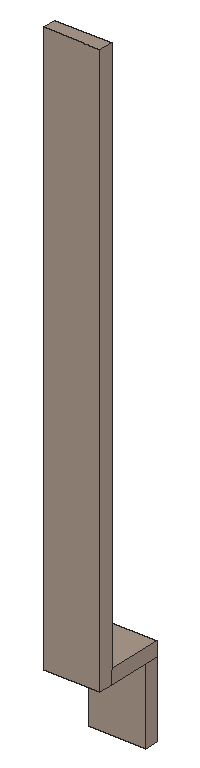
Revit family "AO_CabinetsFillerLower", category Casework, Revit 2019
Family settings
  Work Plane-Based = No
  Always vertical = Yes
  Cut with Voids When Loaded = No
  Shared = No
  Room Calculation Point = No
Parameters (values of type "Kitchen")
  URL = "www.wicnet.org/manual_sections.asp"
  Top Panel Material = none
  Toe Panel Material = none
  Side Panel Material = none
  Shelf Panel Material = none
  Overall Width [instance] = 0' - 3"
  Model = "211"
  Manufacturer = "Woodwork Institute"
  Drawer Front Material = none
  Door Panel Material = none
  Description = "Base Cabinet w/ Drawers"
  Depth = 2' - 0"
  Height = 2' - 10 1/2"
  Width = 0' - 3"
  Content Creator URL = "www.AECcontent.com"
  Content Creator = "AECcontent"
  Back Panel Material = none
  Assembly Code = "E2010200"
Reference planes (in)
  plane 1 "Back": y = 0
  plane 2 "Left": x = -11.2623
  plane 3 "Right": x = -8.2623
  plane 4 "Front": y = -24
  plane 5 "Top": z = 34.5
  plane 6: z = 4
  plane 7: z = 4
  plane 8: y = -21
  plane 9: z = 4
  plane 10: z = 30
  plane 11: z = 17
  plane 12: z = 29.75
  plane 13: x = -9.7623
  plane 14 "Top of Counter": z = 36
Forms (in)
  Extrusion 1, solid, material <- "Shelf Panel Material"
    sketch origin (-0.09236, 0, -14.69269) x (1, 0, 0) y (0, 1, 0)
      loop
        line (-11.16994, -20.25) -> (-11.16994, -23.25) -> (-8.16994, -23.25) -> (-8.16994, -20.25) -> (-11.16994, -20.25)
    from 18.69269 to 19.44531
  Extrusion 2, solid, material <- "Toe Panel Material"
    sketch origin (0, -21, 3) x (1, 0, 0) y (0, 0, 1)
      loop
        line (-11.2623, 1) -> (-11.2623, -3) -> (-8.2623, -3) -> (-8.2623, 1) -> (-11.2623, 1)
    from 0 to -0.75
  Extrusion 3, solid, material <- "Door Panel Material"
    sketch origin (0, -24, 0) x (1, 0, 0) y (0, 0, 1)
      loop
        line (-11.2623, 34.5) -> (-11.2623, 4) -> (-8.2623, 4) -> (-8.2623, 34.5) -> (-11.2623, 34.5)
    from 0 to -0.75
Lines and regions (in)
  model lines, style "AO_HiddenUnderCounter"
    curve 1: line (-11.2623, 0, 36) -> (-8.2623, 0, 36)
    curve 2: line (-11.2623, -24, 36) -> (-11.2623, 0, 36)
    curve 3: line (-8.2623, 0, 36) -> (-8.2623, -24, 36)
    curve 4: line (-11.2623, -24, 36) -> (-8.2623, -24, 36)
Dimensions and locks (in)
  "Depth": plane 4 "Front" to plane 1 "Back"
  "Overall Width": plane 2 "Left" to plane 3 "Right"
  equal spacing: plane 2 "Left", plane 13, plane 3 "Right"
  "Height": level to plane 5 "Top"
  locked: plane 5 "Top" to plane 10 at 4.5
  equal spacing: plane 10, plane 11, plane 9
  locked: plane 4 "Front" to plane 8 at 3
  locked: plane 9 to level at 4
  locked: plane 10 to plane 12 at 0.25
  locked: plane 14 "Top of Counter" to plane 5 "Top" at 1.5
  aligned and locked: Extrusion 2 sketch curve to plane 2 "Left"
  aligned and locked: plane 3 "Right" to Extrusion 2 sketch curve
  aligned and locked: Extrusion 1 sketch curve to Extrusion 2
Automatic sketch dimensions
  Extrusion 2 sketch curve to level = 0' - 0"
  Extrusion 2 sketch curve to plane 6 = 0' - 0"
  Extrusion 3 sketch curve to plane 6 = 0' - 0"
  Extrusion 1 sketch curve to plane 2 "Left" = 0' - 0"
  plane 3 "Right" to Extrusion 1 sketch curve = 0' - 0"
  Extrusion 3 sketch curve to plane 12 = 0' - 4 3/4"
  Extrusion 1 sketch curve to plane 4 "Front" = 0' - 0 3/4"
  plane 3 "Right" to Extrusion 3 sketch curve = 0' - 0"
  plane 2 "Left" to Extrusion 3 sketch curve = 0' - 0"
  plane 1 "Back" to curve 1 = 0' - 0"
  plane 4 "Front" to curve 2 = 0' - 0"
  curve 1 to plane 2 "Left" = 0' - 0"
  curve 1 to plane 3 "Right" = 0' - 0"
